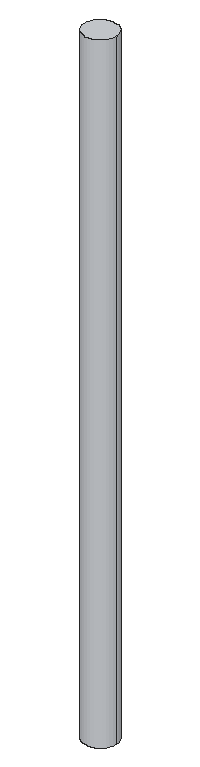
Revit family "M_Round Column", category Columns, Revit 2022
Family settings
  OmniClass Number = 23.25.30.11.14.11
  OmniClass Title = Columns
  Cut with Voids When Loaded = No
  Automatically joins geometry to walls = Yes
  Shared = No
  Show family pre-cut in plan views = Yes
Parameters (values of type "152mm Diameter")
  Diameter = 152.00 mm
  Material = none
  Offset Base = 0.00 mm
  Offset Top = 0.00 mm
Types (4, lengths in mm): name | Diameter
  (no name) | 152.00
  152mm Diameter | 152.00
  305mm Diameter | 305.00
  610mm Diameter | 610.00
Reference planes
  plane 1: y = 0
  plane 2: z = 0
  plane 3: x = 0
  plane 4: x = -76
  plane 5: x = 76
  plane 6: y = 76
  plane 7: y = -76
  plane 8: z = 3000
  plane 9: z = 0
Forms (mm)
  Extrusion 1, solid, material <- "Material"
    sketch origin (0, 0, 0) x (1, 0, 0) y (0, 1, 0)
      loop
        arc (-76, 0) -> (0, -76) -> (76, 0) r 76
        arc (76, 0) -> (53.74, 53.74) -> (0, 76) r 76
        arc (0, 76) -> (-53.74, 53.74) -> (-76, 0) r 76
    from 0 to 3000
Dimensions and locks
  equal spacing: plane 4, plane 3, plane 5
  "Diameter": plane 4 to plane 5
  equal spacing: plane 6, plane 1, plane 7
  "Diameter": plane 7 to plane 6
  "Offset Base": plane 9 to level
  "Offset Top": level to plane 8
  aligned and locked: Extrusion 1 to plane 9
  aligned and locked: plane 8 to Extrusion 1
Automatic sketch dimensions
  Extrusion 1 sketch curve to plane 1 = 0.00 mm  (x2)
  Extrusion 1 sketch curve to plane 4 = 0.00 mm  (x2)
  Extrusion 1 sketch curve to plane 3 = 0.00 mm
